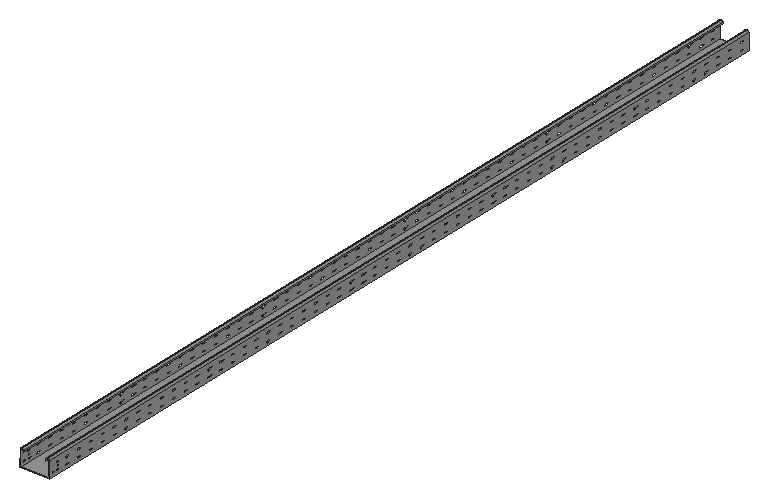
Revit family "Kabelrinne_rksm_A4_610_620_630_640_650_660", category Generic Models, Revit 2017 (continued)
Dimensions and locks
  aligned and locked: plane 20 to cut or joined group 1 (Extrusion 1, Extrusion 5, Extrusion 8, Extrusion 10, Extrusion 11, Extrusion 13, Extrusion 14, Extrusion 15, Extrusion 16, Extrusion 17, Extrusion 18, Extrusion 19, Extrusion 20, Extrusion 21, Extrusion 22, Extrusion 23, Extrusion 24, Extrusion 25, Extrusion 26, Extrusion 27, Extrusion 28, Extrusion 29, Extrusion 30, Extrusion 31, Extrusion 32, Extrusion 33, Extrusion 34, Extrusion 35, Extrusion 36, Extrusion 37, Extrusion 38, Extrusion 39, Extrusion 40, Extrusion 41, Extrusion 42, Extrusion 43, Extrusion 44, Extrusion 45, Extrusion 46, Extrusion 47, Extrusion 48, Extrusion 49, Extrusion 50, Extrusion 51, Extrusion 52, Extrusion 53, Extrusion 54, Extrusion 55, Extrusion 56, Extrusion 57, Extrusion 58, Extrusion 59, Extrusion 60, Extrusion 61, Extrusion 62, Extrusion 63, Extrusion 64, Extrusion 65, Extrusion 66, Extrusion 67, Extrusion 68, Extrusion 69, Extrusion 70, Extrusion 71, Extrusion 72, Extrusion 73, Extrusion 74, Extrusion 75, Extrusion 76, Extrusion 77, Extrusion 78, Extrusion 79, Extrusion 80, Extrusion 81, Extrusion 82, Extrusion 83, Extrusion 84, Extrusion 85, Extrusion 86, Extrusion 87, Extrusion 88, Extrusion 89, Extrusion 90, Extrusion 91, Extrusion 92, Extrusion 93, Extrusion 94, Extrusion 95, Extrusion 96, Extrusion 97, Extrusion 98, Extrusion 99, Extrusion 100, Extrusion 101, Extrusion 102, Extrusion 103, Extrusion 104, Extrusion 105, Extrusion 106, Extrusion 107, Extrusion 108, Extrusion 109, Extrusion 110, Extrusion 111, Extrusion 112, Extrusion 113, Extrusion 114, Extrusion 115, Extrusion 116, Extrusion 117, Extrusion 118, Extrusion 119, Extrusion 120, Extrusion 121, Extrusion 122, Extrusion 123, Extrusion 124, Extrusion 125, Extrusion 126, Extrusion 127, Extrusion 128, Extrusion 129, Extrusion 130, Extrusion 131, Extrusion 132, Extrusion 133, Extrusion 134, Extrusion 135, Extrusion 136, Extrusion 137, Extrusion 138, Extrusion 139, Extrusion 140, Extrusion 141, Extrusion 142, Extrusion 143, Extrusion 144, Extrusion 145, Extrusion 146, Extrusion 147, Extrusion 148, Extrusion 149, Extrusion 150, Extrusion 151, Extrusion 152, Extrusion 153, Extrusion 154, Extrusion 155, Extrusion 156, Extrusion 157, Extrusion 158, Extrusion 159, Extrusion 160, Extrusion 161, Extrusion 162, Extrusion 163, Extrusion 164, Extrusion 165, Extrusion 166, Extrusion 167, Extrusion 168, Extrusion 169, Extrusion 170, Extrusion 171, Extrusion 172, Extrusion 173, Extrusion 174, Extrusion 175, Extrusion 176, Extrusion 177, Extrusion 178, Extrusion 179, Extrusion 180, Extrusion 181, Extrusion 182, Extrusion 183, Extrusion 184, Extrusion 185, Extrusion 186, Extrusion 187, Extrusion 188, Extrusion 189, Extrusion 190, Extrusion 191, Extrusion 192, Extrusion 193, Extrusion 194, Extrusion 195, Extrusion 196, Extrusion 197, Extrusion 198, Extrusion 199, Extrusion 200, Extrusion 201, Extrusion 202, Extrusion 203, Extrusion 204, Extrusion 205, Extrusion 206, Extrusion 207, Extrusion 208, Extrusion 209, Extrusion 210, Extrusion 211, Extrusion 212, Extrusion 213, Extrusion 214, Extrusion 215, Extrusion 216, Extrusion 217, Extrusion 218, Extrusion 219, Extrusion 220, Extrusion 221, Extrusion 222, Extrusion 223, Extrusion 224, Extrusion 225, Extrusion 226, Extrusion 227, Extrusion 228, Extrusion 229, Extrusion 230, Extrusion 231, Extrusion 232, Extrusion 233, Extrusion 234, Extrusion 235, Extrusion 236, Extrusion 237, Extrusion 238, Extrusion 239, Extrusion 240, Extrusion 241, Extrusion 242, Extrusion 243, Extrusion 244, Extrusion 245, Extrusion 246, Extrusion 247, Extrusion 248, Extrusion 249, Extrusion 250, Extrusion 251, Extrusion 252, Extrusion 253, Extrusion 254, Extrusion 255, Extrusion 256, Extrusion 257, Extrusion 258, Extrusion 259, Extrusion 260, Extrusion 261, Extrusion 262, Extrusion 263, Extrusion 264, Extrusion 265, Extrusion 266, Extrusion 267, Extrusion 268, Extrusion 269, Extrusion 270, Extrusion 271, Extrusion 272, Extrusion 273, Extrusion 274, Extrusion 275, Extrusion 276, Extrusion 277)
  aligned and locked: plane 19 to cut or joined group 1
  aligned and locked: plane 20 to plane 18
  aligned and locked: plane 21 to Extrusion 275
  aligned and locked: plane 22 to Extrusion 275
  aligned and locked: plane 21 to cut or joined group 1
  aligned and locked: plane 22 to cut or joined group 1
  aligned and locked: plane 22 to plane 19
  aligned and locked: plane 24 to Extrusion 276
  aligned and locked: plane 23 to Extrusion 276
  aligned and locked: plane 24 to cut or joined group 1
  aligned and locked: plane 23 to cut or joined group 1
  aligned and locked: plane 23 to plane 14
  aligned and locked: cut or joined group 1 to plane 25
  aligned and locked: plane 26 to cut or joined group 1
  aligned and locked: plane 26 to plane 22
  aligned and locked: plane 27 to Extrusion 277
  aligned and locked: Extrusion 277 to plane 27
  aligned and locked: Extrusion 277 to plane 28
  aligned and locked: plane 28 to cut or joined group 1
  aligned and locked: plane 25 to plane 28
Automatic sketch dimensions
  Extrusion 1 sketch curve to Extrusion 1 sketch curve = 0 mm  (x3)
  plane 5 to Extrusion 1 sketch curve = 3.088 mm
  Extrusion 1 sketch curve to Extrusion 1 sketch curve = 3.218 mm
  Extrusion 2 sketch curve to Extrusion 2 sketch curve = 25 mm
  Extrusion 3 sketch curve to Extrusion 3 sketch curve = 25 mm
  Extrusion 4 sketch curve to Extrusion 4 sketch curve = 13 mm
  Extrusion 6 sketch curve to Extrusion 6 sketch curve = 13 mm
  Extrusion 7 sketch curve to Extrusion 7 sketch curve = 13 mm
  Extrusion 5 sketch curve to Extrusion 5 sketch curve = 13 mm
  Extrusion 8 sketch curve to Extrusion 8 sketch curve = 13 mm
  Extrusion 9 sketch curve to Extrusion 9 sketch curve = 13 mm
  Extrusion 10 sketch curve to Extrusion 10 sketch curve = 13 mm
  Extrusion 11 sketch curve to Extrusion 11 sketch curve = 13 mm
  Extrusion 12 sketch curve to Extrusion 12 sketch curve = 13 mm
  Extrusion 13 sketch curve to Extrusion 13 sketch curve = 13 mm
  Extrusion 14 sketch curve to Extrusion 14 sketch curve = 13 mm
  Extrusion 15 sketch curve to Extrusion 15 sketch curve = 13 mm
  Extrusion 16 sketch curve to Extrusion 16 sketch curve = 13 mm
  Extrusion 17 sketch curve to Extrusion 17 sketch curve = 13 mm
  Extrusion 18 sketch curve to Extrusion 18 sketch curve = 13 mm
  Extrusion 19 sketch curve to Extrusion 19 sketch curve = 13 mm
  Extrusion 20 sketch curve to Extrusion 20 sketch curve = 13 mm
  Extrusion 21 sketch curve to Extrusion 21 sketch curve = 13 mm
  Extrusion 22 sketch curve to Extrusion 22 sketch curve = 13 mm
  Extrusion 23 sketch curve to Extrusion 23 sketch curve = 13 mm
  Extrusion 24 sketch curve to Extrusion 24 sketch curve = 13 mm
  Extrusion 25 sketch curve to Extrusion 25 sketch curve = 13 mm
  Extrusion 26 sketch curve to Extrusion 26 sketch curve = 13 mm
  Extrusion 27 sketch curve to Extrusion 27 sketch curve = 13 mm
  Extrusion 28 sketch curve to Extrusion 28 sketch curve = 13 mm
  Extrusion 29 sketch curve to Extrusion 29 sketch curve = 13 mm
  Extrusion 30 sketch curve to Extrusion 30 sketch curve = 13 mm
  Extrusion 31 sketch curve to Extrusion 31 sketch curve = 13 mm
  Extrusion 32 sketch curve to Extrusion 32 sketch curve = 13 mm
  Extrusion 33 sketch curve to Extrusion 33 sketch curve = 13 mm
  Extrusion 34 sketch curve to Extrusion 34 sketch curve = 13 mm
  Extrusion 35 sketch curve to Extrusion 35 sketch curve = 13 mm
  Extrusion 36 sketch curve to Extrusion 36 sketch curve = 13 mm
  Extrusion 37 sketch curve to Extrusion 37 sketch curve = 13 mm
  Extrusion 38 sketch curve to Extrusion 38 sketch curve = 13 mm
  Extrusion 39 sketch curve to Extrusion 39 sketch curve = 13 mm
  Extrusion 40 sketch curve to Extrusion 40 sketch curve = 13 mm
  Extrusion 41 sketch curve to Extrusion 41 sketch curve = 13 mm
  Extrusion 42 sketch curve to Extrusion 42 sketch curve = 13 mm
  Extrusion 43 sketch curve to Extrusion 43 sketch curve = 13 mm
  Extrusion 44 sketch curve to Extrusion 44 sketch curve = 13 mm
  Extrusion 45 sketch curve to Extrusion 45 sketch curve = 13 mm
  Extrusion 46 sketch curve to Extrusion 46 sketch curve = 13 mm
  Extrusion 47 sketch curve to Extrusion 47 sketch curve = 13 mm
  Extrusion 48 sketch curve to Extrusion 48 sketch curve = 13 mm
  Extrusion 49 sketch curve to Extrusion 49 sketch curve = 13 mm
  Extrusion 50 sketch curve to Extrusion 50 sketch curve = 13 mm
  Extrusion 51 sketch curve to Extrusion 51 sketch curve = 13 mm
  Extrusion 52 sketch curve to Extrusion 52 sketch curve = 13 mm
  Extrusion 53 sketch curve to Extrusion 53 sketch curve = 13 mm
  Extrusion 54 sketch curve to Extrusion 54 sketch curve = 13 mm
  Extrusion 55 sketch curve to Extrusion 55 sketch curve = 13 mm
  Extrusion 56 sketch curve to Extrusion 56 sketch curve = 13 mm
  Extrusion 57 sketch curve to Extrusion 57 sketch curve = 13 mm
  Extrusion 58 sketch curve to Extrusion 58 sketch curve = 13 mm
  Extrusion 59 sketch curve to Extrusion 59 sketch curve = 13 mm
  Extrusion 60 sketch curve to Extrusion 60 sketch curve = 13 mm
  Extrusion 61 sketch curve to Extrusion 61 sketch curve = 13 mm
  Extrusion 62 sketch curve to Extrusion 62 sketch curve = 13 mm
  Extrusion 63 sketch curve to Extrusion 63 sketch curve = 13 mm
  Extrusion 64 sketch curve to Extrusion 64 sketch curve = 13 mm
  Extrusion 65 sketch curve to Extrusion 65 sketch curve = 13 mm
  Extrusion 66 sketch curve to Extrusion 66 sketch curve = 13 mm
  Extrusion 67 sketch curve to Extrusion 67 sketch curve = 13 mm
  Extrusion 68 sketch curve to Extrusion 68 sketch curve = 13 mm
  Extrusion 69 sketch curve to Extrusion 69 sketch curve = 13 mm
  Extrusion 70 sketch curve to Extrusion 70 sketch curve = 13 mm
  Extrusion 71 sketch curve to Extrusion 71 sketch curve = 13 mm
  Extrusion 72 sketch curve to Extrusion 72 sketch curve = 13 mm
  Extrusion 73 sketch curve to Extrusion 73 sketch curve = 13 mm
  Extrusion 74 sketch curve to Extrusion 74 sketch curve = 13 mm
  Extrusion 75 sketch curve to Extrusion 75 sketch curve = 13 mm
  Extrusion 76 sketch curve to Extrusion 76 sketch curve = 13 mm
  Extrusion 77 sketch curve to Extrusion 77 sketch curve = 13 mm
  Extrusion 78 sketch curve to Extrusion 78 sketch curve = 13 mm
  Extrusion 79 sketch curve to Extrusion 79 sketch curve = 13 mm
  Extrusion 80 sketch curve to Extrusion 80 sketch curve = 13 mm
  Extrusion 81 sketch curve to Extrusion 81 sketch curve = 13 mm
  Extrusion 82 sketch curve to Extrusion 82 sketch curve = 13 mm
  Extrusion 83 sketch curve to Extrusion 83 sketch curve = 13 mm
  Extrusion 84 sketch curve to Extrusion 84 sketch curve = 13 mm
  Extrusion 85 sketch curve to Extrusion 85 sketch curve = 13 mm
  Extrusion 86 sketch curve to Extrusion 86 sketch curve = 13 mm
  Extrusion 87 sketch curve to Extrusion 87 sketch curve = 13 mm
  Extrusion 88 sketch curve to Extrusion 88 sketch curve = 13 mm
  Extrusion 89 sketch curve to Extrusion 89 sketch curve = 13 mm
  Extrusion 90 sketch curve to Extrusion 90 sketch curve = 13 mm
  Extrusion 91 sketch curve to Extrusion 91 sketch curve = 13 mm
  Extrusion 92 sketch curve to Extrusion 92 sketch curve = 13 mm
  Extrusion 93 sketch curve to Extrusion 93 sketch curve = 13 mm
  Extrusion 94 sketch curve to Extrusion 94 sketch curve = 13 mm
  Extrusion 95 sketch curve to Extrusion 95 sketch curve = 13 mm
  Extrusion 96 sketch curve to Extrusion 96 sketch curve = 13 mm
  Extrusion 97 sketch curve to Extrusion 97 sketch curve = 13 mm
  Extrusion 98 sketch curve to Extrusion 98 sketch curve = 13 mm
  Extrusion 99 sketch curve to Extrusion 99 sketch curve = 13 mm
  Extrusion 100 sketch curve to Extrusion 100 sketch curve = 13 mm
  Extrusion 101 sketch curve to Extrusion 101 sketch curve = 13 mm
  Extrusion 102 sketch curve to Extrusion 102 sketch curve = 13 mm
  Extrusion 103 sketch curve to Extrusion 103 sketch curve = 13 mm
  Extrusion 104 sketch curve to Extrusion 104 sketch curve = 13 mm
  Extrusion 105 sketch curve to Extrusion 105 sketch curve = 13 mm
  Extrusion 106 sketch curve to Extrusion 106 sketch curve = 13 mm
  Extrusion 107 sketch curve to Extrusion 107 sketch curve = 13 mm
  Extrusion 108 sketch curve to Extrusion 108 sketch curve = 13 mm
  Extrusion 109 sketch curve to Extrusion 109 sketch curve = 13 mm
  Extrusion 110 sketch curve to Extrusion 110 sketch curve = 13 mm
  Extrusion 111 sketch curve to Extrusion 111 sketch curve = 13 mm
  Extrusion 112 sketch curve to Extrusion 112 sketch curve = 13 mm
  Extrusion 113 sketch curve to Extrusion 113 sketch curve = 13 mm
  Extrusion 114 sketch curve to Extrusion 114 sketch curve = 13 mm
  Extrusion 115 sketch curve to Extrusion 115 sketch curve = 13 mm
  Extrusion 116 sketch curve to Extrusion 116 sketch curve = 13 mm
  Extrusion 117 sketch curve to Extrusion 117 sketch curve = 13 mm
  Extrusion 118 sketch curve to Extrusion 118 sketch curve = 13 mm
  Extrusion 119 sketch curve to Extrusion 119 sketch curve = 13 mm
  Extrusion 120 sketch curve to Extrusion 120 sketch curve = 13 mm
  Extrusion 121 sketch curve to Extrusion 121 sketch curve = 13 mm
  Extrusion 122 sketch curve to Extrusion 122 sketch curve = 13 mm
  Extrusion 123 sketch curve to Extrusion 123 sketch curve = 13 mm
  Extrusion 124 sketch curve to Extrusion 124 sketch curve = 13 mm
  Extrusion 125 sketch curve to Extrusion 125 sketch curve = 13 mm
  Extrusion 126 sketch curve to Extrusion 126 sketch curve = 13 mm
  Extrusion 127 sketch curve to Extrusion 127 sketch curve = 13 mm
  Extrusion 128 sketch curve to Extrusion 128 sketch curve = 13 mm
  Extrusion 129 sketch curve to Extrusion 129 sketch curve = 13 mm
  Extrusion 130 sketch curve to Extrusion 130 sketch curve = 13 mm
  Extrusion 131 sketch curve to Extrusion 131 sketch curve = 13 mm
  Extrusion 132 sketch curve to Extrusion 132 sketch curve = 13 mm
  Extrusion 133 sketch curve to Extrusion 133 sketch curve = 13 mm
  Extrusion 134 sketch curve to Extrusion 134 sketch curve = 13 mm
  Extrusion 135 sketch curve to Extrusion 135 sketch curve = 13 mm
  Extrusion 136 sketch curve to Extrusion 136 sketch curve = 13 mm
  Extrusion 137 sketch curve to Extrusion 137 sketch curve = 13 mm
  Extrusion 138 sketch curve to Extrusion 138 sketch curve = 13 mm
  Extrusion 139 sketch curve to Extrusion 139 sketch curve = 13 mm
  Extrusion 140 sketch curve to Extrusion 140 sketch curve = 13 mm
  Extrusion 141 sketch curve to Extrusion 141 sketch curve = 13 mm
  Extrusion 142 sketch curve to Extrusion 142 sketch curve = 13 mm
  Extrusion 143 sketch curve to Extrusion 143 sketch curve = 13 mm
  Extrusion 144 sketch curve to Extrusion 144 sketch curve = 13 mm
  Extrusion 145 sketch curve to Extrusion 145 sketch curve = 13 mm
  Extrusion 146 sketch curve to Extrusion 146 sketch curve = 13 mm
  Extrusion 147 sketch curve to Extrusion 147 sketch curve = 13 mm
  Extrusion 148 sketch curve to Extrusion 148 sketch curve = 13 mm
  Extrusion 149 sketch curve to Extrusion 149 sketch curve = 13 mm
  Extrusion 150 sketch curve to Extrusion 150 sketch curve = 13 mm
  Extrusion 151 sketch curve to Extrusion 151 sketch curve = 13 mm
  Extrusion 152 sketch curve to Extrusion 152 sketch curve = 13 mm
  Extrusion 153 sketch curve to Extrusion 153 sketch curve = 13 mm
  Extrusion 154 sketch curve to Extrusion 154 sketch curve = 13 mm
  Extrusion 155 sketch curve to Extrusion 155 sketch curve = 13 mm
  Extrusion 156 sketch curve to Extrusion 156 sketch curve = 13 mm
  Extrusion 157 sketch curve to Extrusion 157 sketch curve = 13 mm
  Extrusion 158 sketch curve to Extrusion 158 sketch curve = 13 mm
  Extrusion 159 sketch curve to Extrusion 159 sketch curve = 13 mm
  Extrusion 160 sketch curve to Extrusion 160 sketch curve = 13 mm
  Extrusion 161 sketch curve to Extrusion 161 sketch curve = 13 mm
  Extrusion 162 sketch curve to Extrusion 162 sketch curve = 13 mm
  Extrusion 163 sketch curve to Extrusion 163 sketch curve = 13 mm
  Extrusion 164 sketch curve to Extrusion 164 sketch curve = 13 mm
  Extrusion 165 sketch curve to Extrusion 165 sketch curve = 13 mm
  Extrusion 166 sketch curve to Extrusion 166 sketch curve = 13 mm
  Extrusion 167 sketch curve to Extrusion 167 sketch curve = 13 mm
  Extrusion 168 sketch curve to Extrusion 168 sketch curve = 13 mm
  Extrusion 169 sketch curve to Extrusion 169 sketch curve = 13 mm
  Extrusion 170 sketch curve to Extrusion 170 sketch curve = 13 mm
  Extrusion 171 sketch curve to Extrusion 171 sketch curve = 13 mm
  Extrusion 172 sketch curve to Extrusion 172 sketch curve = 13 mm
  Extrusion 173 sketch curve to Extrusion 173 sketch curve = 13 mm
  Extrusion 174 sketch curve to Extrusion 174 sketch curve = 13 mm
  Extrusion 175 sketch curve to Extrusion 175 sketch curve = 13 mm
  Extrusion 176 sketch curve to Extrusion 176 sketch curve = 13 mm
  Extrusion 177 sketch curve to Extrusion 177 sketch curve = 13 mm
  Extrusion 178 sketch curve to Extrusion 178 sketch curve = 13 mm
  Extrusion 179 sketch curve to Extrusion 179 sketch curve = 13 mm
  Extrusion 180 sketch curve to Extrusion 180 sketch curve = 13 mm
  Extrusion 181 sketch curve to Extrusion 181 sketch curve = 13 mm
  Extrusion 182 sketch curve to Extrusion 182 sketch curve = 13 mm
  Extrusion 183 sketch curve to Extrusion 183 sketch curve = 13 mm
  Extrusion 184 sketch curve to Extrusion 184 sketch curve = 13 mm
  Extrusion 185 sketch curve to Extrusion 185 sketch curve = 13 mm
  Extrusion 186 sketch curve to Extrusion 186 sketch curve = 13 mm
  Extrusion 187 sketch curve to Extrusion 187 sketch curve = 13 mm
  Extrusion 188 sketch curve to Extrusion 188 sketch curve = 13 mm
  Extrusion 189 sketch curve to Extrusion 189 sketch curve = 13 mm
  Extrusion 190 sketch curve to Extrusion 190 sketch curve = 13 mm
  Extrusion 191 sketch curve to Extrusion 191 sketch curve = 13 mm
  Extrusion 192 sketch curve to Extrusion 192 sketch curve = 13 mm
  Extrusion 193 sketch curve to Extrusion 193 sketch curve = 13 mm
  Extrusion 194 sketch curve to Extrusion 194 sketch curve = 13 mm
  Extrusion 195 sketch curve to Extrusion 195 sketch curve = 13 mm
  Extrusion 196 sketch curve to Extrusion 196 sketch curve = 13 mm
  Extrusion 197 sketch curve to Extrusion 197 sketch curve = 13 mm
  Extrusion 198 sketch curve to Extrusion 198 sketch curve = 13 mm
  Extrusion 199 sketch curve to Extrusion 199 sketch curve = 13 mm
  Extrusion 200 sketch curve to Extrusion 200 sketch curve = 13 mm
  Extrusion 201 sketch curve to Extrusion 201 sketch curve = 13 mm
  Extrusion 202 sketch curve to Extrusion 202 sketch curve = 13 mm
  Extrusion 203 sketch curve to Extrusion 203 sketch curve = 13 mm
  Extrusion 204 sketch curve to Extrusion 204 sketch curve = 13 mm
  Extrusion 205 sketch curve to Extrusion 205 sketch curve = 13 mm
  Extrusion 206 sketch curve to Extrusion 206 sketch curve = 13 mm
  Extrusion 207 sketch curve to Extrusion 207 sketch curve = 13 mm
  Extrusion 208 sketch curve to Extrusion 208 sketch curve = 13 mm
  Extrusion 209 sketch curve to Extrusion 209 sketch curve = 13 mm
  Extrusion 210 sketch curve to Extrusion 210 sketch curve = 13 mm
  Extrusion 211 sketch curve to Extrusion 211 sketch curve = 13 mm
  Extrusion 212 sketch curve to Extrusion 212 sketch curve = 13 mm
  Extrusion 213 sketch curve to Extrusion 213 sketch curve = 13 mm
  Extrusion 214 sketch curve to Extrusion 214 sketch curve = 13 mm
  Extrusion 215 sketch curve to Extrusion 215 sketch curve = 13 mm
  Extrusion 216 sketch curve to Extrusion 216 sketch curve = 13 mm
  Extrusion 217 sketch curve to Extrusion 217 sketch curve = 13 mm
  Extrusion 218 sketch curve to Extrusion 218 sketch curve = 13 mm
  Extrusion 219 sketch curve to Extrusion 219 sketch curve = 13 mm
  Extrusion 220 sketch curve to Extrusion 220 sketch curve = 13 mm
  Extrusion 221 sketch curve to Extrusion 221 sketch curve = 13 mm
  Extrusion 222 sketch curve to Extrusion 222 sketch curve = 13 mm
  Extrusion 223 sketch curve to Extrusion 223 sketch curve = 13 mm
  Extrusion 224 sketch curve to Extrusion 224 sketch curve = 13 mm
  Extrusion 225 sketch curve to Extrusion 225 sketch curve = 13 mm
  Extrusion 226 sketch curve to Extrusion 226 sketch curve = 13 mm
  Extrusion 227 sketch curve to Extrusion 227 sketch curve = 13 mm
  Extrusion 228 sketch curve to Extrusion 228 sketch curve = 13 mm
  Extrusion 229 sketch curve to Extrusion 229 sketch curve = 13 mm
  Extrusion 230 sketch curve to Extrusion 230 sketch curve = 13 mm
  Extrusion 231 sketch curve to Extrusion 231 sketch curve = 13 mm
  Extrusion 232 sketch curve to Extrusion 232 sketch curve = 13 mm
  Extrusion 233 sketch curve to Extrusion 233 sketch curve = 13 mm
  Extrusion 234 sketch curve to Extrusion 234 sketch curve = 13 mm
  Extrusion 235 sketch curve to Extrusion 235 sketch curve = 13 mm
  Extrusion 236 sketch curve to Extrusion 236 sketch curve = 13 mm
  Extrusion 237 sketch curve to Extrusion 237 sketch curve = 13 mm
  Extrusion 238 sketch curve to Extrusion 238 sketch curve = 13 mm
  Extrusion 239 sketch curve to Extrusion 239 sketch curve = 13 mm
  Extrusion 240 sketch curve to Extrusion 240 sketch curve = 13 mm
  Extrusion 270 sketch curve to Extrusion 270 sketch curve = 8 mm
  level to Extrusion 271 sketch curve = 16 mm
  Extrusion 273 sketch curve to Extrusion 273 sketch curve = 0 mm
Types (8, lengths in mm): name | Width 1 | Width | Manufacturer Art.No. | GTIN | Article Type
  (no name) | 50 | 100 | "6047614" | "4012195706113" | "RKSM 610 A4"
  RKSM 610 A4 | 50 | 100 | "6047614" | "4012195706113" | "RKSM 610 A4"
  RKSM 615 A4 | 75 | 150 | "6047633" | "4012195706137" | "RKSM 615 A4"
  RKSM 620 A4 | 100 | 200 | "6047641" | "4012195706175" | "RKSM 620 A4"
  RKSM 630 A4 | 150 | 300 | "6047657" | "4012195706199" | "RKSM 630 A4"
  RKSM 640 A4 | 200 | 400 | "6047692" | "4012195706236" | "RKSM 640 A4"
  RKSM 650 A4 | 250 | 500 | "6047722" | "4012195706250" | "RKSM 650 A4"
  RKSM 660 A4 | 300 | 600 | "6047738" | "4012195706298" | "RKSM 660 A4"
